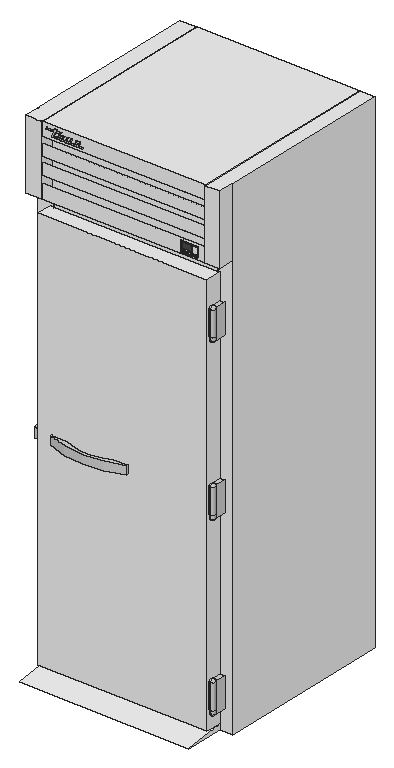
Revit family
Parameters
  Weight in Pounds = 0
  Watts = Volts * FL Amps  # 1023.5 W
  Volts = 115 V
  URL Cutsheet = "www.truemfg.com"
  URL = "www.truemfg.com"
  Type Mark [instance] = ""
  Type Comments = ""
  Status [instance] = ""
  Specification by User [instance] = ""
  Specification by Manufacturer = ""
  Show Logo [instance] = yes
  Show Clearance [instance] = yes
  Serial Number = ""
  Seismic Rating = ""
  SMACNA No = ""
  Revision Code [instance] = ""
  Phase = 1
  Omniclass Number and Title = ""
  Number of Poles [instance] = 1
  NAFEM Spec ID Number = ""
  Model = "STG1RRI89-1S"
  Min Ckt Ampacity = 0 A
  Max Overcurrent Protection = 0 A
  Masterspec = ""
  Manufacturer = "TRUE FOOD SERVICE EQUIPMENT, INC."
  Length = 35"
  Item Number [instance] = ""
  Installed By [instance] = ""
  Identify Quantity as Lot [instance] = yes
  Height = 88 3/4"
  HP = "1/3"
  Furnished By [instance] = ""
  Foodservice Equipment Identifier [instance] = yes
  FL Amps = 8.9 A
  Electrical Remarks [instance] = ""
  Electric Connection Type [instance] = ""
  Elec Conn RI Height [instance] = 0"
  Elec Conn Connection Height [instance] = 0"
  Description = "Roll-in Solid Swing Door Refrigerator"
  Depth = 34 3/4"
  Cycle = 60 Hz
  Conn Plug = "5-15P"
  Conn Conduit = yes
  CSI MasterFormat = ""
  CSI Master Format = ""
  Apparent Power = if(Phase = 3, Volts * FL Amps * 1.73, Volts * FL Amps)  # 1023.5 VA
Reference planes (in)
  plane 1 "BACK": y = 0
  plane 2: z = 0
  plane 3 "LEFT": x = 0
  plane 4 "RIGHT": x = 35
  plane 5 "FRONT": y = -34.75
  plane 6 "TOP": z = 88.75
  plane 7: x = 2.84375
  plane 8: y = -34.7042
  plane 9: x = 32.15625
  plane 10: z = 73.75
Forms (in)
  Extrusion 1, solid, material "QF_Finishes_Chrome - Satin"
    sketch origin (0.05, 0, 0) x (1, 0, 0) y (0, 1, 0)
      loop
        line (-0.05, 0) -> (-0.05, -32) -> (2.87859, -32) -> (2.87859, 0) -> (-0.05, 0)
    from 0 to 88.75
  Extrusion 2, solid, material "QF_Finishes_Chrome - Satin"
    sketch origin (50.15, 0, 0) x (1, 0, 0) y (0, 1, 0)
      loop
        line (-17.85, 0) -> (-17.85, -32) -> (-15.15, -32) -> (-15.15, 0) -> (-17.85, 0)
    from 0 to 88.75
  Extrusion 3, solid, material "QF_Finishes_Chrome - Satin"
    sketch origin (0, 0, 0) x (0, 1, 0) y (0, 0, 1)
      loop
        line (-34.7042, 76.28125) -> (-32, 76.28125) -> (-32, 0) -> (0, 0) -> (0, 88.75) -> (-34.7042, 88.75) -> (-34.7042, 86.40578) -> (-32.5, 84.83852) -> (-32.5, 83.71625) -> (-34.7042, 85.28351) -> (-34.7042, 83.1498) -> (-32.5, 81.58254) -> (-32.5, 80.62178) -> (-34.7042, 82.18904) -> (-34.7042, 80.09284) -> (-32.5, 78.52557) -> (-32.5, 77.25) -> (-34.7042, 78.81726) -> (-34.7042, 76.28125)
    from 2.92859 to 32.3
  Extrusion 4, solid, material "QF_Finishes_Chrome - Satin"
    sketch origin (0, 0, 0) x (1, 0, 0) y (0, 1, 0)
      loop
        line (34.84782, -32) -> (32.3, -32) -> (32.3, -34.75) -> (34.84782, -34.75) -> (34.84782, -32)
    from 76.28125 to 88.75
  Extrusion 5, solid, material "QF_Finishes_Chrome - Satin"
    sketch origin (-50.125, 0, 0.25) x (1, 0, 0) y (0, 1, 0)
      loop
        line (53.05359, -32) -> (50.24109, -32) -> (50.24109, -34.75) -> (53.05359, -34.75) -> (53.05359, -32)
    from 76.03125 to 88.5
  Extrusion 6, solid, material "QF_Finishes_Chrome - Satin"
    sketch origin (-24.96875, -1, -0.71875) x (1, 0, 0) y (0, 0, 1)
      loop
        line (27.25, 1.71875) -> (57.65625, 1.71875) -> (57.65625, 74.46875) -> (27.25, 74.46875) -> (27.25, 1.71875)
    from 31 to 33.75
  Extrusion 7, solid, material "QF_Finishes_Handrails and Railings"
    sketch origin (58.625, -0.25, 26.43519) x (1, 0, 0) y (0, 1, 0)
      loop
        line (-53.875, -34.5) -> (-53.875, -34.7)
        arc (-53.875, -34.7) -> (-47.075, -36.14405) -> (-40.275, -34.7) r 16.7325
        line (-40.275, -34.7) -> (-40.275, -34.5) -> (-42.675, -34.5)
        arc (-42.675, -34.5) -> (-47.075, -35.65816) -> (-51.475, -34.5) r 8.93715
        line (-51.475, -34.5) -> (-53.875, -34.5)
    from 10.87731 to 12.37731
  Extrusion 8, solid, material "QF_Finishes_Handrails and Railings"
    sketch origin (-23.375, 0, -2) x (1, 0, 0) y (0, 0, 1)
      loop
        circle (26.4375, 40.0625) r 0.35
      loop
        line (26.47265, 40.33635) -> (26.41715, 40.33635) -> (26.41715, 39.76895) -> (26.47265, 39.76895) -> (26.47265, 40.33635)
    from 33.5 to 33.83066
  Extrusion 9, solid, material "QF_Finishes_Handrails and Railings", visible <- "Show Logo"
    sketch origin (0.33478, 0.06376, 5.01857) x (1, 0, 0) y (0, 0, 1)
      loop
        line (3.46044, 83.08731) -> (3.35478, 82.86073) -> (4.76027, 82.86073)
        arc (4.76027, 82.86073) -> (4.78879, 82.81028) -> (4.76027, 82.75984) r 0.05887
        line (4.76027, 82.75984) -> (4.39369, 81.97372)
        arc (4.39369, 81.97372) -> (4.39051, 81.90091) -> (4.43975, 81.84717) r 0.09523
        line (4.43975, 81.84717) -> (5.33844, 81.84717)
        arc (5.33844, 81.84717) -> (5.45192, 81.88295) -> (5.52436, 81.97735) r 0.19785
        line (5.52436, 81.97735) -> (5.81285, 82.59601) -> (6.0779, 82.59601)
        arc (6.0779, 82.59601) -> (6.14744, 82.57043) -> (6.13737, 82.49703) r 0.05911
        line (6.13737, 82.49703) -> (5.89598, 81.97937)
        arc (5.89598, 81.97937) -> (5.89974, 81.8934) -> (5.97231, 81.84717) r 0.09318
        line (5.97231, 81.84717) -> (6.76198, 81.84717)
        arc (6.76198, 81.84717) -> (6.82249, 81.86919) -> (6.85468, 81.92495) r 0.09412
        arc (6.85468, 81.92495) -> (6.87746, 81.86995) -> (6.93246, 81.84717) r 0.07778
        line (6.93246, 81.84717) -> (7.43246, 81.84717)
        arc (7.43246, 81.84717) -> (7.49022, 81.86265) -> (7.53251, 81.90493) r 0.11552
        arc (7.53251, 81.90493) -> (7.55275, 81.85606) -> (7.60162, 81.83581) r 0.06912
        line (7.60162, 81.83581) -> (8.31225, 81.83581)
        arc (8.31225, 81.83581) -> (8.37034, 81.85988) -> (8.39441, 81.91797) r 0.08216
        arc (8.39441, 81.91797) -> (8.44767, 81.86472) -> (8.52042, 81.84522) r 0.14551
        line (8.52042, 81.84522) -> (9.85158, 81.84522) -> (9.99946, 82.10134) -> (8.65678, 82.10134)
        arc (8.65678, 82.10134) -> (8.61972, 82.12704) -> (8.61834, 82.17211) r 0.05009
        line (8.61834, 82.17211) -> (8.64157, 82.22192)
        arc (8.64157, 82.22192) -> (8.67723, 82.26864) -> (8.73327, 82.28635) r 0.09747
        line (8.73327, 82.28635) -> (9.16485, 82.28635)
        arc (9.16485, 82.28635) -> (9.258, 82.31131) -> (9.32619, 82.3795) r 0.1863
        line (9.32619, 82.3795) -> (9.45119, 82.59601)
        arc (9.45119, 82.59601) -> (9.45119, 82.71157) -> (9.35111, 82.76934) r 0.11556
        line (9.35111, 82.76934) -> (8.89562, 82.76934)
        arc (8.89562, 82.76934) -> (8.7795, 82.74962) -> (8.69849, 82.66412) r 0.18605
        line (8.69849, 82.66412) -> (8.48204, 82.19993)
        arc (8.48204, 82.19993) -> (8.41815, 82.11667) -> (8.31806, 82.08511) r 0.1745
        line (8.31806, 82.08511) -> (7.84559, 82.08511)
        arc (7.84559, 82.08511) -> (7.78903, 82.14684) -> (7.79268, 82.23048) r 0.10939
        line (7.79268, 82.23048) -> (8.04395, 82.76934) -> (7.88403, 82.76934) -> (7.61781, 82.19844)
        arc (7.61781, 82.19844) -> (7.56609, 82.13103) -> (7.48505, 82.10548) r 0.14128
        line (7.48505, 82.10548) -> (7.15925, 82.10548)
        arc (7.15925, 82.10548) -> (7.10419, 82.17723) -> (7.116, 82.26689) r 0.11816
        line (7.116, 82.26689) -> (7.3503, 82.76934) -> (7.18514, 82.76934) -> (6.91546, 82.191)
        arc (6.91546, 82.191) -> (6.85285, 82.12839) -> (6.76733, 82.10548) r 0.17104
        line (6.76733, 82.10548) -> (6.29555, 82.10548)
        arc (6.29555, 82.10548) -> (6.21082, 82.14499) -> (6.20267, 82.23813) r 0.0935
        line (6.20267, 82.23813) -> (6.35774, 82.57069) -> (6.57695, 82.57069)
        arc (6.57695, 82.57069) -> (6.61395, 82.68217) -> (6.69267, 82.76934) r 0.2857
        line (6.69267, 82.76934) -> (5.83605, 82.76934)
        arc (5.83605, 82.76934) -> (5.74086, 82.74824) -> (5.67498, 82.67635) r 0.16212
        line (5.67498, 82.67635) -> (5.44279, 82.17841)
        arc (5.44279, 82.17841) -> (5.3894, 82.12502) -> (5.31647, 82.10548) r 0.14586
        line (5.31647, 82.10548) -> (4.80506, 82.10548)
        arc (4.80506, 82.10548) -> (4.76514, 82.15942) -> (4.77274, 82.22609) r 0.09155
        line (4.77274, 82.22609) -> (5.11018, 82.86073) -> (5.96155, 82.86073) -> (6.06721, 83.08731) -> (5.21584, 83.08731) -> (5.32149, 83.31388) -> (5.01862, 83.31388) -> (4.91297, 83.08731) -> (3.46044, 83.08731)
      loop
        arc (8.83805, 82.56363) -> (8.80119, 82.55375) -> (8.7742, 82.52676) r 0.07373
        line (8.7742, 82.52676) -> (8.75229, 82.45936)
        arc (8.75229, 82.45936) -> (8.76245, 82.43483) -> (8.78699, 82.42466) r 0.0347
        line (8.78699, 82.42466) -> (9.15948, 82.42466)
        arc (9.15948, 82.42466) -> (9.18632, 82.43061) -> (9.20812, 82.44734) r 0.0635
        line (9.20812, 82.44734) -> (9.22624, 82.53122)
        arc (9.22624, 82.53122) -> (9.22091, 82.55368) -> (9.20009, 82.56363) r 0.02676
        line (9.20009, 82.56363) -> (8.83805, 82.56363)
    from 34.76797 to 34.83173
  Extrusion 10, solid, material "QF_Finishes_White"
    sketch origin (-22.74812, 0.0458, -7.98362) x (1, 0, 0) y (0, 0, 1)
      loop
        line (50.81732, 86.35727) -> (50.81732, 84.60996) -> (53.72357, 84.60996) -> (53.72357, 86.35727) -> (50.81732, 86.35727)
    from 34.75 to 34.76797
  Extrusion 11, solid, material "QF_Finishes_Black"
    sketch origin (-22.74812, 0.0458, -7.98362) x (1, 0, 0) y (0, 0, 1)
      loop
        line (53.78607, 86.41977) -> (50.75482, 86.41977) -> (50.75482, 84.54746) -> (53.78607, 84.54746) -> (53.78607, 86.41977)
      loop
        spline (50.95482, 84.87872) -> (50.96333, 84.86254) -> (50.98831, 84.84747) -> (51.02804, 84.83452) -> (51.07982, 84.82459) -> (51.14011, 84.81835) -> (51.20482, 84.81622) -> (51.26952, 84.81835) -> (51.32982, 84.82459) -> (51.38159, 84.83452) -> (51.42132, 84.84747) -> (51.4463, 84.86254) -> (51.45482, 84.87872)
        spline (51.45482, 84.87872) -> (51.4463, 84.89489) -> (51.42132, 84.90997) -> (51.38159, 84.92291) -> (51.32982, 84.93284) -> (51.26952, 84.93909) -> (51.20482, 84.94122) -> (51.14011, 84.93909) -> (51.07982, 84.93284) -> (51.02804, 84.92291) -> (50.98831, 84.90997) -> (50.96333, 84.89489) -> (50.95482, 84.87872)
      loop
        spline (51.65083, 84.87872) -> (51.65935, 84.86254) -> (51.68432, 84.84747) -> (51.72405, 84.83452) -> (51.77583, 84.82459) -> (51.83612, 84.81835) -> (51.90083, 84.81622) -> (51.96553, 84.81835) -> (52.02583, 84.82459) -> (52.07761, 84.83452) -> (52.11734, 84.84747) -> (52.14231, 84.86254) -> (52.15083, 84.87872)
        spline (52.15083, 84.87872) -> (52.14231, 84.89489) -> (52.11734, 84.90997) -> (52.07761, 84.92291) -> (52.02583, 84.93284) -> (51.96553, 84.93909) -> (51.90083, 84.94122) -> (51.83612, 84.93909) -> (51.77583, 84.93284) -> (51.72405, 84.92291) -> (51.68432, 84.90997) -> (51.65935, 84.89489) -> (51.65083, 84.87872)
      loop
        spline (52.40083, 84.87872) -> (52.40935, 84.86254) -> (52.43432, 84.84747) -> (52.47405, 84.83452) -> (52.52583, 84.82459) -> (52.58612, 84.81835) -> (52.65083, 84.81622) -> (52.71553, 84.81835) -> (52.77583, 84.82459) -> (52.82761, 84.83452) -> (52.86734, 84.84747) -> (52.89231, 84.86254) -> (52.90083, 84.87872)
        spline (52.90083, 84.87872) -> (52.89231, 84.89489) -> (52.86734, 84.90997) -> (52.82761, 84.92291) -> (52.77583, 84.93284) -> (52.71553, 84.93909) -> (52.65083, 84.94122) -> (52.58612, 84.93909) -> (52.52583, 84.93284) -> (52.47405, 84.92291) -> (52.43432, 84.90997) -> (52.40935, 84.89489) -> (52.40083, 84.87872)
      loop
        line (50.95481, 86.21978) -> (50.95481, 85.21978) -> (52.65433, 85.21978) -> (52.65433, 86.21978) -> (50.95481, 86.21978)
      loop
        line (53.72357, 86.35727) -> (50.81732, 86.35727) -> (50.81732, 84.60996) -> (53.72357, 84.60996) -> (53.72357, 86.35727)
      loop
        spline (53.15083, 84.87872) -> (53.15935, 84.86254) -> (53.18432, 84.84747) -> (53.22405, 84.83452) -> (53.27583, 84.82459) -> (53.33612, 84.81835) -> (53.40083, 84.81622) -> (53.46553, 84.81835) -> (53.52583, 84.82459) -> (53.57761, 84.83452) -> (53.61734, 84.84747) -> (53.64231, 84.86254) -> (53.65083, 84.87872)
        spline (53.65083, 84.87872) -> (53.64231, 84.89489) -> (53.61734, 84.90997) -> (53.57761, 84.92291) -> (53.52583, 84.93284) -> (53.46553, 84.93909) -> (53.40083, 84.94122) -> (53.33612, 84.93909) -> (53.27583, 84.93284) -> (53.22405, 84.92291) -> (53.18432, 84.90997) -> (53.15935, 84.89489) -> (53.15083, 84.87872)
    from 34.76797 to 34.80335
  Extrusion 12, solid
    sketch origin (-25.125, 0, 0) x (1, 0, 0) y (0, 0, 1)
      loop
        circle (56.875, 86.625) r 0.25
    from 0 to 0.0625
  Blend 13, solid, material "QF_Finishes_Handrails and Railings"
    base sketch origin (27.53125, -1, 0) x (-1, 0, 0) y (0, 0, -1)
      loop
        line (25.25, -38.99169) -> (26, -38.99169) -> (26, -37.24169) -> (25.25, -37.24169) -> (25.25, -38.99169)
    top sketch origin (27.53125, 0, 0) x (-1, 0, 0) y (0, 0, -1)
      loop
        line (26.18223, -36.6441) -> (25.25, -36.6441) -> (25.25, -39.42643) -> (26.18223, -39.42643) -> (26.18223, -36.6441)
    from 33.57883 to 32
  Extrusion 14, solid, material "QF_Finishes_Handrails and Railings"
    sketch origin (33.78125, 0, 0) x (0, 1, 0) y (0, 0, -1)
      loop
        line (-32, -69.17729) -> (-32, -63.86127) -> (-34.25, -63.86127) -> (-34.25, -64.57348) -> (-33.81497, -64.57348) -> (-33.81497, -68.97276)
        arc (-33.81497, -68.97276) -> (-33.75506, -69.11738) -> (-33.61044, -69.17729) r 0.20453
        line (-33.61044, -69.17729) -> (-32, -69.17729)
    from 0.17506 to 1
  Revolve 15, solid, material "QF_Finishes_Handrails and Railings"
    sketch origin (33.28125, 0, 0) x (0, 1, 0) y (0, 0, -1)
      loop
        line (-34.26563, -64.62689) -> (-34.67229, -64.62689) -> (-34.67229, -69.0986)
        arc (-34.67229, -69.0986) -> (-34.53722, -69.35057) -> (-34.26563, -69.43983) r 0.3848
        line (-34.26563, -69.43983) -> (-34.26563, -64.62689)
      loop
        line (-34.26563, -64.57348) -> (-34.26563, -63.67281)
        arc (-34.26563, -63.67281) -> (-34.53264, -63.75883) -> (-34.67229, -64.00212) r 0.38884
        line (-34.67229, -64.00212) -> (-34.67229, -64.57348) -> (-34.26563, -64.57348)
      axis (-34.26563, -63.67281) -> (-34.26563, -69.43983)
    angle from 0 to 360
  Extrusion 16, solid, material "QF_Finishes_Handrails and Railings"
    sketch origin (27.5, -1.07734, 0.0011) x (-1, 0, 0) y (0, 0, -1)
      loop
        line (-5.58509, -69.0986) -> (-5.1875, -69.0986) -> (-5.1875, -64.62579) -> (-5.58509, -64.62579) -> (-5.58509, -69.0986)
    from 32.81497 to 33.59495
  Extrusion 17, solid, material "QF_Finishes_Handrails and Railings"
    sketch origin (33.78125, 0, -24) x (0, 1, 0) y (0, 0, -1)
      loop
        line (-32, -64.55229) -> (-32, -59.23627) -> (-34.25, -59.23627) -> (-34.25, -59.94848) -> (-33.81497, -59.94848) -> (-33.81497, -64.34776)
        arc (-33.81497, -64.34776) -> (-33.75506, -64.49238) -> (-33.61044, -64.55229) r 0.20453
        line (-33.61044, -64.55229) -> (-32, -64.55229)
    from 0.17506 to 1
  Revolve 18, solid, material "QF_Finishes_Handrails and Railings"
    sketch origin (33.28125, 0, -24) x (0, 1, 0) y (0, 0, -1)
      loop
        line (-34.26563, -60.00189) -> (-34.67229, -60.00189) -> (-34.67229, -64.4736)
        arc (-34.67229, -64.4736) -> (-34.53722, -64.72557) -> (-34.26563, -64.81483) r 0.3848
        line (-34.26563, -64.81483) -> (-34.26563, -60.00189)
      loop
        line (-34.26563, -59.94848) -> (-34.26563, -59.04781)
        arc (-34.26563, -59.04781) -> (-34.53264, -59.13383) -> (-34.67229, -59.37712) r 0.38884
        line (-34.67229, -59.37712) -> (-34.67229, -59.94848) -> (-34.26563, -59.94848)
      axis (-34.26563, -59.04781) -> (-34.26563, -64.81483)
    angle from 0 to 360
  Extrusion 19, solid, material "QF_Finishes_Handrails and Railings"
    sketch origin (27.5, -1.07734, -23.9989) x (-1, 0, 0) y (0, 0, -1)
      loop
        line (-5.58509, -64.4736) -> (-5.1875, -64.4736) -> (-5.1875, -60.00079) -> (-5.58509, -60.00079) -> (-5.58509, -64.4736)
    from 32.81497 to 33.59495
  Extrusion 20, solid, material "QF_Finishes_Handrails and Railings"
    sketch origin (33.78125, 0, -55.5) x (0, 1, 0) y (0, 0, -1)
      loop
        line (-32, -64.55229) -> (-32, -59.23627) -> (-34.25, -59.23627) -> (-34.25, -59.94848) -> (-33.81497, -59.94848) -> (-33.81497, -64.34776)
        arc (-33.81497, -64.34776) -> (-33.75506, -64.49238) -> (-33.61044, -64.55229) r 0.20453
        line (-33.61044, -64.55229) -> (-32, -64.55229)
    from 0.17506 to 1
  Revolve 21, solid, material "QF_Finishes_Handrails and Railings"
    sketch origin (33.28125, 0, -55.5) x (0, 1, 0) y (0, 0, -1)
      loop
        line (-34.26563, -60.00189) -> (-34.67229, -60.00189) -> (-34.67229, -64.4736)
        arc (-34.67229, -64.4736) -> (-34.53722, -64.72557) -> (-34.26563, -64.81483) r 0.3848
        line (-34.26563, -64.81483) -> (-34.26563, -60.00189)
      loop
        line (-34.26563, -59.94848) -> (-34.26563, -59.04781)
        arc (-34.26563, -59.04781) -> (-34.53264, -59.13383) -> (-34.67229, -59.37712) r 0.38884
        line (-34.67229, -59.37712) -> (-34.67229, -59.94848) -> (-34.26563, -59.94848)
      axis (-34.26563, -59.04781) -> (-34.26563, -64.81483)
    angle from 0 to 360
  Extrusion 22, solid, material "QF_Finishes_Handrails and Railings"
    sketch origin (27.5, -1.07734, -55.4989) x (-1, 0, 0) y (0, 0, -1)
      loop
        line (-5.58509, -64.4736) -> (-5.1875, -64.4736) -> (-5.1875, -60.00079) -> (-5.58509, -60.00079) -> (-5.58509, -64.4736)
    from 32.81497 to 33.59495
  Extrusion 23, solid, material "QF_Finishes_Door Clearance", visible <- "Show Clearance", detail levels coarse
    sketch origin (26.42841, -3.6098, 0) x (1, 0, 0) y (0, 1, 0)
      loop
        line (6.32159, -31.1402) -> (-24.14716, -31.1402)
        arc (-24.14716, -31.1402) -> (-15.22307, -52.68486) -> (6.32159, -61.60895) r 30.46875
        line (6.32159, -61.60895) -> (6.32159, -31.1402)
    from 1 to 73.75
  Extrusion 24, solid, material "QF_Finishes_Chrome - Satin"
    sketch origin (32.6875, -1, 1) x (0, 0, 1) y (0, -1, 0)
      loop
        line (-1, 37.875) -> (-1, 31) -> (0, 31) -> (-1, 37.875)
    from 0 to -30.40625
Cuts and joins
  joined: Extrusion 1, Extrusion 2, Extrusion 4, Extrusion 5
Lines and regions (in)
  symbolic lines
    curve 1: line (0, 0, 0) -> (35, 0, 0)
    curve 2: line (0, -34.75, 0) -> (0, 0, 0)
    curve 3: line (35, -34.75, 0) -> (0, -34.75, 0)
    curve 4: line (35, 0, 0) -> (35, -34.75, 0)
    curve 5: line (35, -32.5, 0) -> (0, -32.5, 0)
    curve 6: arc (15.95746, -34.75, 0) -> (11.55746, -35.90816, 0) -> (7.15746, -34.75, 0) r 8.93715
    curve 7: arc (4.75746, -34.95, 0) -> (11.55746, -36.39405, 0) -> (18.35746, -34.95, 0) r 16.7325
    curve 8: line (4.75746, -34.75, 0) -> (4.75746, -34.95, 0)
    curve 9: line (18.35746, -34.95, 0) -> (18.35746, -34.75, 0)
  symbolic lines, style "QF-Door Swings", visible <- "Show Clearance", detail levels coarse
    curve 10: line (32.75, -34.75, 0) -> (32.75, -65.21875, 0)
    curve 11: arc (32.75, -65.21875, 0) -> (11.20534, -56.29466, 0) -> (2.28125, -34.75, 0) r 30.46875
Dimensions and locks (in)
  "Depth": plane 5 "FRONT" to plane 1 "BACK"
  "Height": plane 6 "TOP" to level
  Extrusion 6 sketch curve to Extrusion 6 sketch curve = 30 13/32"
  Extrusion 6 to plane 1 "BACK" = 34 3/4"
  "Length": plane 3 "LEFT" to plane 4 "RIGHT"
  plane 4 "RIGHT" to plane 3 "LEFT" = 35"
  plane 10 to level = 73 3/4"
  aligned and locked: level to plane 2
  aligned and locked: plane 6 "TOP" to cut or joined group of Extrusion 1, Extrusion 2, Extrusion 4, Extrusion 5
Automatic sketch dimensions
  Extrusion 1 sketch curve to plane 3 "LEFT" = 0"
  plane 1 "BACK" to Extrusion 1 sketch curve = 0"
  Extrusion 1 sketch curve to Extrusion 1 sketch curve = 2.92859"
  Extrusion 1 sketch curve to plane 5 "FRONT" = 2 3/4"
  plane 1 "BACK" to Extrusion 2 sketch curve = 0"
  Extrusion 2 sketch curve to plane 4 "RIGHT" = 0"
  Extrusion 2 sketch curve to plane 5 "FRONT" = 2 3/4"
  plane 5 "FRONT" to Extrusion 4 sketch curve = 0"
  Extrusion 4 sketch curve to plane 4 "RIGHT" = 0.15218"
  Extrusion 4 sketch curve to plane 5 "FRONT" = 2 3/4"
  plane 5 "FRONT" to Extrusion 5 sketch curve = 0"
  plane 3 "LEFT" to Extrusion 5 sketch curve = 0.11609"
  Extrusion 5 sketch curve to Extrusion 5 sketch curve = 2 13/16"
  Extrusion 5 sketch curve to plane 5 "FRONT" = 2 3/4"
  plane 5 "FRONT" to Extrusion 7 sketch curve = 0"  (x2)
  Extrusion 7 sketch curve to Extrusion 7 sketch curve = 2.4"  (x2)
  Extrusion 7 sketch curve to Extrusion 7 sketch curve = 4.4"
  Extrusion 7 sketch curve to Extrusion 7 sketch curve = 0"
  Extrusion 7 sketch curve to Extrusion 7 sketch curve = 0.2"
  Extrusion 7 sketch curve to plane 5 "FRONT" = 7.77899"
  Extrusion 7 sketch curve to Extrusion 7 sketch curve = 7.30945"
  Extrusion 8 sketch curve to Extrusion 8 sketch curve = 0.02035"
  Extrusion 8 sketch curve to Extrusion 8 sketch curve = 0.0555"
  Extrusion 8 sketch curve to Extrusion 8 sketch curve = 0.29355"
  Extrusion 8 sketch curve to Extrusion 8 sketch curve = 0.27385"
  plane 3 "LEFT" to Extrusion 9 sketch curve = 3.68957"
  Extrusion 9 sketch curve to Extrusion 9 sketch curve = 0.10565"  (x5)
  Extrusion 9 sketch curve to Extrusion 9 sketch curve = 1.03891"
  Extrusion 9 sketch curve to Extrusion 9 sketch curve = 0.04606"
  Extrusion 9 sketch curve to Extrusion 9 sketch curve = 0.04025"
  Extrusion 9 sketch curve to Extrusion 9 sketch curve = 0.33624"
  Extrusion 9 sketch curve to Extrusion 9 sketch curve = 0.03034"  (x2)
  Extrusion 9 sketch curve to Extrusion 9 sketch curve = 0.29274"
  Extrusion 9 sketch curve to Extrusion 9 sketch curve = 0.03232"
  Extrusion 9 sketch curve to Extrusion 9 sketch curve = 0.08083"
  Extrusion 9 sketch curve to Extrusion 9 sketch curve = 0.1527"
  Extrusion 9 sketch curve to Extrusion 9 sketch curve = 0.19721"
  Extrusion 9 sketch curve to Extrusion 9 sketch curve = 0.4629"
  Extrusion 9 sketch curve to Extrusion 9 sketch curve = 0.02197"
  Extrusion 9 sketch curve to Extrusion 9 sketch curve = 0.12632"
  Extrusion 9 sketch curve to Extrusion 9 sketch curve = 0.18591"
  Extrusion 9 sketch curve to Extrusion 9 sketch curve = 0.2322"
  Extrusion 9 sketch curve to Extrusion 9 sketch curve = 0.13786"
  Extrusion 9 sketch curve to Extrusion 9 sketch curve = 0.00907"
  Extrusion 9 sketch curve to Extrusion 9 sketch curve = 0.01413"
  Extrusion 9 sketch curve to Extrusion 9 sketch curve = 0.37162"
  Extrusion 9 sketch curve to Extrusion 9 sketch curve = 0.12551"
  Extrusion 9 sketch curve to Extrusion 9 sketch curve = 0.07633"
  Extrusion 9 sketch curve to Extrusion 9 sketch curve = 0.08445"
  Extrusion 9 sketch curve to Extrusion 9 sketch curve = 0.25598"
  Extrusion 9 sketch curve to Extrusion 9 sketch curve = 0.01887"
  Extrusion 9 sketch curve to Extrusion 9 sketch curve = 0.04061"
  Extrusion 9 sketch curve to Extrusion 9 sketch curve = 0.0653"
  Extrusion 9 sketch curve to Extrusion 9 sketch curve = 0.08474"
  Extrusion 9 sketch curve to Extrusion 9 sketch curve = 0.00815"
  Extrusion 9 sketch curve to Extrusion 9 sketch curve = 0.22037"
  Extrusion 9 sketch curve to Extrusion 9 sketch curve = 0.21921"
  Extrusion 9 sketch curve to Extrusion 9 sketch curve = 0.11572"
  Extrusion 9 sketch curve to Extrusion 9 sketch curve = 0.46643"
  Extrusion 9 sketch curve to Extrusion 9 sketch curve = 0.00535"
  Extrusion 9 sketch curve to Extrusion 9 sketch curve = 0.09269"
  Extrusion 9 sketch curve to Extrusion 9 sketch curve = 0.09348"
  Extrusion 9 sketch curve to Extrusion 9 sketch curve = 0.14812"
  Extrusion 9 sketch curve to Extrusion 9 sketch curve = 0.07778"  (x3)
  Extrusion 9 sketch curve to Extrusion 9 sketch curve = 0.20054"
  Extrusion 9 sketch curve to Extrusion 9 sketch curve = 0.04325"
  Extrusion 9 sketch curve to Extrusion 9 sketch curve = 0.32433"
  Extrusion 9 sketch curve to Extrusion 9 sketch curve = 0.10233"  (x2)
  Extrusion 9 sketch curve to Extrusion 9 sketch curve = 0.16515"
  Extrusion 9 sketch curve to Extrusion 9 sketch curve = 0.27321"
  Extrusion 9 sketch curve to Extrusion 9 sketch curve = 0.0526"
  Extrusion 9 sketch curve to Extrusion 9 sketch curve = 0.10005"
  Extrusion 9 sketch curve to Extrusion 9 sketch curve = 0.06912"
  Extrusion 9 sketch curve to Extrusion 9 sketch curve = 0.13276"
  Extrusion 9 sketch curve to Extrusion 9 sketch curve = 0.17486"
  Extrusion 9 sketch curve to Extrusion 9 sketch curve = 0.05291"
  Extrusion 9 sketch curve to Extrusion 9 sketch curve = 0.53374"
  Extrusion 9 sketch curve to Extrusion 9 sketch curve = 0.09914"  (x2)
  Extrusion 9 sketch curve to Extrusion 9 sketch curve = 0.15992"
  Extrusion 9 sketch curve to Extrusion 9 sketch curve = 0.46666"
  Extrusion 9 sketch curve to Extrusion 9 sketch curve = 0.00582"
  Extrusion 9 sketch curve to Extrusion 9 sketch curve = 0.08216"
  Extrusion 9 sketch curve to Extrusion 9 sketch curve = 0.16397"
  Extrusion 9 sketch curve to Extrusion 9 sketch curve = 0.12601"
  Extrusion 9 sketch curve to Extrusion 9 sketch curve = 0.1363"
  Extrusion 9 sketch curve to Extrusion 9 sketch curve = 0.02323"
  Extrusion 9 sketch curve to Extrusion 9 sketch curve = 0.03844"
  Extrusion 9 sketch curve to Extrusion 9 sketch curve = 0.0454"
  Extrusion 9 sketch curve to Extrusion 9 sketch curve = 0.05693"
  Extrusion 9 sketch curve to Extrusion 9 sketch curve = 0.0917"
  Extrusion 9 sketch curve to Extrusion 9 sketch curve = 0.01902"
  Extrusion 9 sketch curve to Extrusion 9 sketch curve = 0.02191"
  Extrusion 9 sketch curve to Extrusion 9 sketch curve = 0.0347"
  Extrusion 9 sketch curve to Extrusion 9 sketch curve = 0.06385"
  Extrusion 9 sketch curve to Extrusion 9 sketch curve = 0.02906"
  Extrusion 9 sketch curve to Extrusion 9 sketch curve = 0.02851"
  Extrusion 9 sketch curve to Extrusion 9 sketch curve = 0.29237"
  Extrusion 9 sketch curve to Extrusion 9 sketch curve = 0.00537"
  Extrusion 9 sketch curve to Extrusion 9 sketch curve = 0.0406"
  Extrusion 9 sketch curve to Extrusion 9 sketch curve = 0.04327"
  Extrusion 9 sketch curve to Extrusion 9 sketch curve = 0.02615"
  Extrusion 9 sketch curve to Extrusion 9 sketch curve = 0.11806"
  Extrusion 9 sketch curve to Extrusion 9 sketch curve = 0.15103"
  Extrusion 9 sketch curve to Extrusion 9 sketch curve = 0.10007"
  Extrusion 9 sketch curve to Extrusion 9 sketch curve = 0.5254"
  Extrusion 9 sketch curve to Extrusion 9 sketch curve = 0.14787"
  Extrusion 9 sketch curve to plane 6 "TOP" = 1.89562"
  Extrusion 9 sketch curve to Extrusion 9 sketch curve = 0.07275"
  Extrusion 9 sketch curve to Extrusion 9 sketch curve = 0.05776"
  Extrusion 9 sketch curve to Extrusion 9 sketch curve = 0.08631"
  Extrusion 9 sketch curve to Extrusion 9 sketch curve = 0.09282"
  Extrusion 9 sketch curve to Extrusion 9 sketch curve = 0.13018"
  Extrusion 9 sketch curve to Extrusion 9 sketch curve = 0.16714"
  Extrusion 9 sketch curve to Extrusion 9 sketch curve = 0.11061"
  Extrusion 9 sketch curve to Extrusion 9 sketch curve = 0.06046"
  Extrusion 9 sketch curve to Extrusion 9 sketch curve = 0.16548"
  Extrusion 9 sketch curve to Extrusion 9 sketch curve = 0.14279"
  Extrusion 9 sketch curve to Extrusion 9 sketch curve = 0.0496"
  Extrusion 9 sketch curve to Extrusion 9 sketch curve = 0.07293"
  Extrusion 9 sketch curve to Extrusion 9 sketch curve = 0.07764"
  Extrusion 9 sketch curve to Extrusion 9 sketch curve = 0.03794"
  Extrusion 9 sketch curve to Extrusion 9 sketch curve = 0.08552"
  Extrusion 9 sketch curve to Extrusion 9 sketch curve = 0.09296"
  Extrusion 9 sketch curve to Extrusion 9 sketch curve = 0.09314"
  Extrusion 9 sketch curve to Extrusion 9 sketch curve = 0.02781"
  Extrusion 9 sketch curve to Extrusion 9 sketch curve = 0.04981"
  Extrusion 9 sketch curve to Extrusion 9 sketch curve = 0.09315"
  Extrusion 9 sketch curve to Extrusion 9 sketch curve = 0.04799"
  Extrusion 9 sketch curve to Extrusion 9 sketch curve = 0.02531"
  Extrusion 9 sketch curve to Extrusion 9 sketch curve = 0.03054"
  Extrusion 9 sketch curve to Extrusion 9 sketch curve = 0.2589"
  Extrusion 9 sketch curve to Extrusion 9 sketch curve = 0.0674"
  Extrusion 9 sketch curve to Extrusion 9 sketch curve = 0.0324"
  Extrusion 9 sketch curve to Extrusion 9 sketch curve = 0.26185"
  Extrusion 9 sketch curve to Extrusion 9 sketch curve = 11/256"
  Extrusion 9 sketch curve to Extrusion 9 sketch curve = 0.07366"
  Extrusion 9 sketch curve to Extrusion 9 sketch curve = 0.02187"
  Extrusion 9 sketch curve to Extrusion 9 sketch curve = 0.06479"
  Extrusion 9 sketch curve to Extrusion 9 sketch curve = 0.01183"
  Extrusion 9 sketch curve to Extrusion 9 sketch curve = 0.05778"
  Extrusion 9 sketch curve to Extrusion 9 sketch curve = 0.53375"
  Extrusion 9 sketch curve to Extrusion 9 sketch curve = 0.23098"
  Extrusion 9 sketch curve to Extrusion 9 sketch curve = 0"
  Extrusion 9 sketch curve to Extrusion 9 sketch curve = 0.05045"
  Extrusion 9 sketch curve to Extrusion 9 sketch curve = 0.09139"
  Extrusion 9 sketch curve to Extrusion 9 sketch curve = 29/128"  (x3)
  Extrusion 12 sketch curve to plane 6 "TOP" = 2 1/8"
  Blend 13 sketch curve to Blend 13 sketch curve = 1 3/4"
  Blend 13 sketch curve to Blend 13 sketch curve = 2.78233"
  Extrusion 14 sketch curve to plane 5 "FRONT" = 1/2"
  Extrusion 14 sketch curve to Extrusion 14 sketch curve = 0.43503"
  Extrusion 14 sketch curve to Extrusion 14 sketch curve = 0.20453"
  Extrusion 14 sketch curve to Extrusion 14 sketch curve = 1.61044"
  Extrusion 14 sketch curve to plane 6 "TOP" = 19.57271"
  Extrusion 14 sketch curve to Extrusion 14 sketch curve = 4.39928"
  Extrusion 14 sketch curve to Extrusion 14 sketch curve = 0.71221"
  Revolve 15 sketch curve to plane 5 "FRONT" = 0.07771"  (x2)
  Revolve 15 sketch curve to Revolve 15 sketch curve = 0.38242"
  Revolve 15 sketch curve to Revolve 15 sketch curve = 0.38436"
  Revolve 15 sketch curve to plane 5 "FRONT" = 31/64"
  Revolve 15 sketch curve to Revolve 15 sketch curve = 0.40666"
  Revolve 15 sketch curve to Revolve 15 sketch curve = 0"
  Revolve 15 sketch curve to plane 6 "TOP" = 18.75492"
  Revolve 15 sketch curve to Revolve 15 sketch curve = 0.55526"
  Revolve 15 sketch curve to Revolve 15 sketch curve = 0.19474"
  Revolve 15 sketch curve to Revolve 15 sketch curve = 0.14649"
  Revolve 15 sketch curve to Revolve 15 sketch curve = 4.42889"
  Revolve 15 sketch curve to Revolve 15 sketch curve = 0.05342"
  Revolve 15 sketch curve to Revolve 15 sketch curve = 0.51246"
  Revolve 15 sketch curve to Revolve 15 sketch curve = 0.05889"
  Extrusion 16 sketch curve to Extrusion 16 sketch curve = 0.39759"
  Extrusion 16 sketch curve to plane 6 "TOP" = 19.6503"
  Extrusion 16 sketch curve to Extrusion 16 sketch curve = 4.47281"
  Extrusion 17 sketch curve to plane 5 "FRONT" = 1/2"
  Extrusion 17 sketch curve to Extrusion 17 sketch curve = 0.43503"
  Extrusion 17 sketch curve to Extrusion 17 sketch curve = 0.20453"
  Extrusion 17 sketch curve to Extrusion 17 sketch curve = 1.61044"
  Extrusion 17 sketch curve to Extrusion 17 sketch curve = 4.39928"
  Extrusion 17 sketch curve to Extrusion 17 sketch curve = 0.71221"
  Revolve 18 sketch curve to plane 5 "FRONT" = 0.07771"  (x2)
  Revolve 18 sketch curve to Revolve 18 sketch curve = 0.38242"
  Revolve 18 sketch curve to Revolve 18 sketch curve = 0.38436"
  Revolve 18 sketch curve to plane 5 "FRONT" = 31/64"
  Revolve 18 sketch curve to Revolve 18 sketch curve = 0.40666"
  Revolve 18 sketch curve to Revolve 18 sketch curve = 0"
  Revolve 18 sketch curve to Revolve 18 sketch curve = 0.55526"
  Revolve 18 sketch curve to Revolve 18 sketch curve = 0.19474"
  Revolve 18 sketch curve to Revolve 18 sketch curve = 0.14649"
  Revolve 18 sketch curve to Revolve 18 sketch curve = 4.42889"
  Revolve 18 sketch curve to Revolve 18 sketch curve = 0.05342"
  Revolve 18 sketch curve to Revolve 18 sketch curve = 0.51246"
  Revolve 18 sketch curve to Revolve 18 sketch curve = 0.05889"
  Extrusion 19 sketch curve to Extrusion 19 sketch curve = 0.39759"
  Extrusion 19 sketch curve to Extrusion 19 sketch curve = 4.47281"
  Extrusion 20 sketch curve to plane 5 "FRONT" = 1/2"
  Extrusion 20 sketch curve to Extrusion 20 sketch curve = 0.43503"
  Extrusion 20 sketch curve to Extrusion 20 sketch curve = 0.20453"
  Extrusion 20 sketch curve to Extrusion 20 sketch curve = 1.61044"
  Extrusion 20 sketch curve to Extrusion 20 sketch curve = 0.71221"
  Revolve 21 sketch curve to plane 5 "FRONT" = 0.07771"  (x2)
  Revolve 21 sketch curve to Revolve 21 sketch curve = 0.38242"
  Revolve 21 sketch curve to Revolve 21 sketch curve = 0.38436"
  Revolve 21 sketch curve to plane 5 "FRONT" = 31/64"
  Revolve 21 sketch curve to Revolve 21 sketch curve = 0.40666"
  Revolve 21 sketch curve to Revolve 21 sketch curve = 0"
  Revolve 21 sketch curve to Revolve 21 sketch curve = 0.55526"
  Revolve 21 sketch curve to Revolve 21 sketch curve = 0.19474"
  Revolve 21 sketch curve to Revolve 21 sketch curve = 0.14649"
  Revolve 21 sketch curve to Revolve 21 sketch curve = 0.05342"
  Revolve 21 sketch curve to Revolve 21 sketch curve = 0.51246"
  Revolve 21 sketch curve to Revolve 21 sketch curve = 0.05889"
  Extrusion 22 sketch curve to Extrusion 22 sketch curve = 0.39759"
  Extrusion 3 sketch curve to plane 8 = 0"  (x4)
  Extrusion 3 sketch curve to plane 6 "TOP" = 0"
  plane 8 to Extrusion 3 sketch curve = 2.2042"  (x2)
  Extrusion 3 sketch curve to Extrusion 3 sketch curve = 0"
  Extrusion 3 sketch curve to Extrusion 3 sketch curve = 1/2"
  plane 1 "BACK" to Extrusion 3 sketch curve = 0"
  Extrusion 3 sketch curve to plane 6 "TOP" = 2.34422"
  Extrusion 3 sketch curve to Extrusion 3 sketch curve = 1.12227"  (x2)
  Extrusion 3 sketch curve to Extrusion 3 sketch curve = 0.445"
  Extrusion 3 sketch curve to Extrusion 3 sketch curve = 2.13371"  (x2)
  Extrusion 3 sketch curve to Extrusion 3 sketch curve = 0.96076"  (x2)
  Extrusion 3 sketch curve to Extrusion 3 sketch curve = 2.0962"  (x2)
  Extrusion 3 sketch curve to Extrusion 3 sketch curve = 1.27557"  (x2)
  Extrusion 3 sketch curve to Extrusion 3 sketch curve = 31/32"
  Blend 13 sketch curve to Blend 13 sketch curve = 3/4"
  Blend 13 sketch curve to Blend 13 sketch curve = 0.93223"
  Extrusion 2 sketch curve to plane 4 "RIGHT" = 2.7"
  Extrusion 4 sketch curve to Extrusion 4 sketch curve = 2.54782"
  plane 7 to Extrusion 7 sketch curve = 1 29/32"
  plane 7 to Extrusion 8 sketch curve = 0.1984"
  Extrusion 12 sketch curve to plane 4 "RIGHT" = 3 1/4"
  Blend 13 sketch curve to plane 7 = 9/16"
  plane 7 to Blend 13 sketch curve = 9/16"
  Extrusion 16 sketch curve to plane 4 "RIGHT" = 1.91491"
  Extrusion 19 sketch curve to plane 4 "RIGHT" = 1.91491"
  Extrusion 22 sketch curve to plane 4 "RIGHT" = 1.91491"
  Extrusion 11 sketch curve to Extrusion 11 sketch curve = 1/4"  (x4)
  Extrusion 11 sketch curve to Extrusion 11 sketch curve = 0.4965"
  Extrusion 11 sketch curve to Extrusion 11 sketch curve = 0.0035"
  Extrusion 11 sketch curve to Extrusion 11 sketch curve = 1/2"
  Extrusion 11 sketch curve to Extrusion 11 sketch curve = 0.44601"
  Extrusion 11 sketch curve to Extrusion 11 sketch curve = 0"  (x3)
  Extrusion 11 sketch curve to Extrusion 11 sketch curve = 0.1375"  (x2)
  Extrusion 11 sketch curve to Extrusion 11 sketch curve = 1/16"  (x4)
  Extrusion 11 sketch curve to plane 6 "TOP" = 12.18616"
  Extrusion 11 sketch curve to Extrusion 11 sketch curve = 0.26876"  (x2)
  Extrusion 11 sketch curve to Extrusion 11 sketch curve = 0.34106"
  Extrusion 11 sketch curve to plane 6 "TOP" = 10.51384"
  Extrusion 10 sketch curve to plane 6 "TOP" = 10.37634"
  Extrusion 10 sketch curve to Extrusion 10 sketch curve = 1.74732"
  Extrusion 10 sketch curve to plane 4 "RIGHT" = 6.9308"
  Extrusion 10 sketch curve to Extrusion 10 sketch curve = 2 29/32"
  Extrusion 11 sketch curve to plane 4 "RIGHT" = 6.9933"
  Extrusion 11 sketch curve to Extrusion 11 sketch curve = 1.06923"
  Extrusion 6 sketch curve to plane 7 = 9/16"
  Extrusion 6 sketch curve to plane 6 "TOP" = 15"
  plane 5 "FRONT" to Extrusion 23 sketch curve = 0"
  Extrusion 23 sketch curve to plane 7 = 9/16"
  Extrusion 23 sketch curve to plane 4 "RIGHT" = 2 1/4"
  plane 1 "BACK" to curve 1 = 0"
  curve 1 to plane 3 "LEFT" = 0"
  plane 5 "FRONT" to curve 11 = 0"
  curve 3 to plane 4 "RIGHT" = 0"
  curve 11 to plane 7 = 9/16"
  plane 7 to curve 8 = 1.91371"
  curve 8 to curve 6 = 2.4"
  curve 7 to curve 6 = 0"
  curve 6 to curve 9 = 2.4"
  curve 11 to plane 4 "RIGHT" = 2 1/4"
  curve 9 to curve 9 = 0.2"
  curve 5 to plane 5 "FRONT" = 2 1/4"
  curve 6 to curve 7 = 7.30945"
  level to Extrusion 3 sketch curve = 0"
  level to Extrusion 6 sketch curve = 1"
  level to Extrusion 8 sketch curve = 37.76895"
  level to Blend 13 sketch curve = 38.99169"
  Blend 13 sketch curve to level = 36.6441"
  level to Extrusion 17 sketch curve = 40.55229"
  level to Revolve 18 sketch curve = 41.37008"
  level to Extrusion 19 sketch curve = 40.4747"
  level to Extrusion 20 sketch curve = 9.05229"
  Extrusion 20 sketch curve to Extrusion 20 sketch curve = 4.39928"
  level to Revolve 21 sketch curve = 9.87008"
  Revolve 21 sketch curve to Revolve 21 sketch curve = 4.42889"
  level to Extrusion 22 sketch curve = 8.9747"
  Extrusion 22 sketch curve to Extrusion 22 sketch curve = 4.47281"
  Extrusion 24 sketch curve to Extrusion 6 = 0"
  Extrusion 6 to Extrusion 24 sketch curve = 0"
  Extrusion 24 sketch curve to Extrusion 24 sketch curve = 1"
  Extrusion 24 sketch curve to Extrusion 6 = 4 1/8"
  plane 7 to curve 7 = 8.71371"
  curve 6 to plane 5 "FRONT" = 7.77899"
  radius of Extrusion 8 sketch curve = 0.35"
  radius of Extrusion 12 sketch curve = 1/4"
Connectors (in)
  electrical at (31.75, -0.0625, 86.625), driven by "Volts", driven by "Watts"
    settings: on Extrusion 12, index 1, voltage 115 V, apparent load 1023.5 VA, apparent load phase1 0 VA, apparent load phase2 0 VA, apparent load phase3 0 VA, power factor 1, load classification "Other", number of poles 1, system type 30, power factor state 1, is connector primary yes, connector utility no, sub classification motor no, connector description "Electrical Connection"
